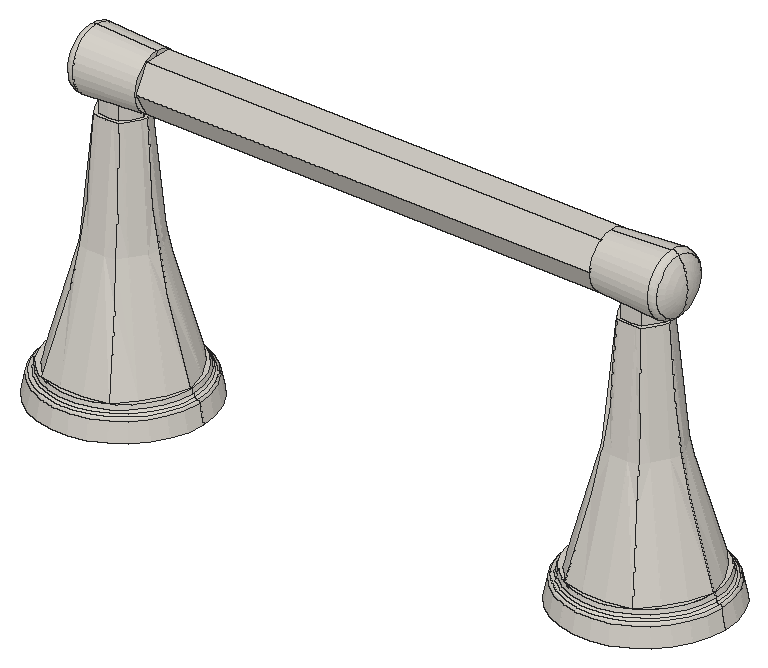
Revit family "Tissue_Holder-DXV-Fitzgerald-D35160230_Series", category Specialty Equipment, host Face, Revit 2019
Family settings
  Host = Face
  Round Connector Dimension = Use Diameter
  Part Type = Normal
  OmniClass Number = 23.40.20.21.21
  OmniClass Title = Toilet Paper Dispensers
  Cut with Voids When Loaded = No
  Shared = Yes
  Room Calculation Point = No
Parameters (values of type "D35160230.150")
  Width = 2"
  Warranty Information = "Lifetime Limited Warranty"
  URL = "http://www.dxv.com/"
  Type Comments = ""
  Shipping Weight = 0 lbf
  Revised Date = "11/17/2021"  # constant formula
  Product Page URL = "https://www.dxv.com/product/fitzgerald-toilet-paper-holder-"
  Product Documentation Link = "https://dxv01.blob.core.windows.net/dxv-product-pdf-files/spec_D35160230_DXV_Fitzgerald_tissueholder_EN.pdf"
  Price = "Prices may vary. Please consult Manufacturer Representative for most up-to-date price list."  # constant formula
  Model = "D35160230.150"
  Material = "Brass-DXV-150-Platinum Nickel"
  Manufacturer = "DXV"
  Length = 8 1/2"
  Installation Type = "Wall Mounted"
  Height = 4"
  Finish = Brass-DXV-150-Platinum Nickel
  Description = "Fitzgerald Toilet Paper Holder"
  Default Elevation = 25"
  Creation Date = "10/25/2018"  # constant formula
  Assembly Code = "C1030220"
  ADA Compliant = yes
Types (4): name | Model | Material | Finish
  (no name) | "D35160230.150" | "Brass-DXV-150-Platinum Nickel" | Brass-DXV-150-Platinum Nickel
  D35160230.100 | "D35160230.100" | "Brass-DXV-100-Polished Chrome" | Brass-DXV-100-Polished Chrome
  D35160230.144 | "D35160230.144" | "Brass-DXV-144-Brushed Nickel" | Brass-DXV-144-Brushed Nickel
  D35160230.150 | "D35160230.150" | "Brass-DXV-150-Platinum Nickel" | Brass-DXV-150-Platinum Nickel
Reference planes (in)
  plane 1 "Center (Front/Back)": y = 0
  plane 2: z = 0
  plane 3 "Center (Left/Right)": x = 0
  plane 4: z = 4
  plane 5: z = 3.625
  plane 6: x = -3.25
  plane 7: x = 3.25
  plane 8: x = -2.25
  plane 9: x = -4.25
  plane 10: x = 4.25
  plane 11: x = 2.25
  plane 12: y = 1
  plane 13: y = -1
Forms (in)
  Revolve 1, solid, material "Brass-DXV-150-Platinum Nickel" <- "Finish"
    sketch origin (0, 0, 0) x (1, 0, 0) y (0, 0, 1)
      loop
        line (3.25, 0) -> (4.25, 0) -> (4.20301, 0.22105)
        arc (4.20301, 0.22105) -> (4.19389, 0.24154) -> (4.17723, 0.25654) r 0.05392
        line (4.17723, 0.25654) -> (4.14228, 0.27672)
        arc (4.14228, 0.27672) -> (4.12834, 0.28895) -> (4.12013, 0.30558) r 0.04754
        line (4.12013, 0.30558) -> (4.10658, 0.35617) -> (3.25, 0.35617) -> (3.25, 0)
      axis (3.25, 0.35617) -> (3.25, 0)
    angle from 0 to 360
  Revolve 2, solid, material "Brass-DXV-150-Platinum Nickel" <- "Finish"
    sketch origin (0, 0, 0) x (-1, 0, 0) y (0, 0, 1)
      loop
        line (3.25, 0) -> (4.25, 0) -> (4.20301, 0.22105)
        arc (4.20301, 0.22105) -> (4.19389, 0.24154) -> (4.17723, 0.25654) r 0.05392
        line (4.17723, 0.25654) -> (4.14228, 0.27672)
        arc (4.14228, 0.27672) -> (4.12834, 0.28895) -> (4.12013, 0.30558) r 0.04754
        line (4.12013, 0.30558) -> (4.10658, 0.35617) -> (3.25, 0.35617) -> (3.25, 0)
      axis (3.25, 0.35617) -> (3.25, 0)
    angle from 0 to 360
  Sweep 3, solid, material "Brass-DXV-150-Platinum Nickel" <- "Finish"
    path origin (0, 0, 0) x (-1, 0, 0) y (0, 1, 0)
      loop
        arc (-4.09664, 0) -> (-3.94098, -0.39894) -> (-3.67332, -0.73322) r 1.41797
        arc (-3.67332, -0.73322) -> (-3.25, -0.79788) -> (-2.82668, -0.73322) r 1.41797
        arc (-2.82668, -0.73322) -> (-2.55902, -0.39894) -> (-2.40336, 0) r 1.41797
        arc (-2.40336, 0) -> (-2.55902, 0.39894) -> (-2.82668, 0.73322) r 1.41797
        arc (-2.82668, 0.73322) -> (-3.25, 0.79788) -> (-3.67332, 0.73322) r 1.41797
        arc (-3.67332, 0.73322) -> (-3.94099, 0.39894) -> (-4.09664, 0) r 1.41782
    profile origin (3.25, 0.79788, 0) x (0, -1, 0) y (0, 0, 1)
      loop
        arc (0.52248, 3.17377) -> (0.38127, 1.74271) -> (0, 0.35617) r 8.46977
        line (0, 0.35617) -> (0.36793, 0.35617) -> (0.67386, 1.79542) -> (0.67386, 3.625) -> (0.56859, 3.625) -> (0.56859, 3.17377) -> (0.52248, 3.17377)
  Revolve 4, solid, material "Brass-DXV-150-Platinum Nickel" <- "Finish"
    sketch origin (0, 0, 0) x (1, 0, 0) y (0, 0, 1)
      loop
        line (2.82991, 3.625) -> (3.77535, 3.625)
        arc (3.77535, 3.625) -> (3.74684, 3.80306) -> (3.66416, 3.96332) r 0.57028
        arc (3.66416, 3.96332) -> (3.62743, 3.99355) -> (3.58076, 4.00275) r 0.09727
        line (3.58076, 4.00275) -> (2.82991, 3.9634) -> (2.82991, 3.625)
      loop
        line (-2.82991, 3.625) -> (-2.82991, 3.9634) -> (-3.58076, 4.00275)
        arc (-3.58076, 4.00275) -> (-3.62743, 3.99355) -> (-3.66416, 3.96332) r 0.09727
        arc (-3.66416, 3.96332) -> (-3.74684, 3.80306) -> (-3.77535, 3.625) r 0.57028
        line (-3.77535, 3.625) -> (-2.82991, 3.625)
      axis (3.77535, 3.625) -> (-3.77535, 3.625)
    angle from 0 to 360
  Sweep 5, solid, material "Brass-DXV-150-Platinum Nickel" <- "Finish"
    path origin (0, 0, 0) x (1, 0, 0) y (0, 1, 0)
      loop
        arc (-4.09664, 0) -> (-3.94098, -0.39894) -> (-3.67332, -0.73322) r 1.41797
        arc (-3.67332, -0.73322) -> (-3.25, -0.79788) -> (-2.82668, -0.73322) r 1.41797
        arc (-2.82668, -0.73322) -> (-2.55902, -0.39894) -> (-2.40336, 0) r 1.41797
        arc (-2.40336, 0) -> (-2.55902, 0.39894) -> (-2.82668, 0.73322) r 1.41797
        arc (-2.82668, 0.73322) -> (-3.25, 0.79788) -> (-3.67332, 0.73322) r 1.41797
        arc (-3.67332, 0.73322) -> (-3.94099, 0.39894) -> (-4.09664, 0) r 1.41782
    profile origin (-3.25, 0.79788, 0) x (0, 1, 0) y (0, 0, 1)
      loop
        line (-0.52248, 3.17377) -> (-0.56859, 3.17377) -> (-0.56859, 3.625) -> (-0.67386, 3.625) -> (-0.67386, 1.79542) -> (-0.36793, 0.35617) -> (0, 0.35617)
        arc (0, 0.35617) -> (-0.38127, 1.74271) -> (-0.52248, 3.17377) r 8.46977
  Extrusion 6, solid, material "Brass-DXV-150-Platinum Nickel" <- "Finish"
    sketch origin (0, 0, 0) x (0, 1, 0) y (0, 0, 1)
      loop
        line (0.33599, 3.625) -> (0.16799, 3.91597) -> (-0.16799, 3.91597) -> (-0.33599, 3.625) -> (-0.16799, 3.33403) -> (0.16799, 3.33403) -> (0.33599, 3.625)
    from -2.82991 to 2.82991
Lines and regions (in)
  Masking region 1
    outline origin (0, 0, 0) x (1, 0, 0) y (0, 0, 1)
      loop
        line (-3.50376, 3.17377) -> (-3.55309, 3.17377)
        arc (-3.55309, 3.17377) -> (-3.70657, 1.74076) -> (-4.10658, 0.35617) r 8.26749
        line (-4.10658, 0.35617) -> (-4.11992, 0.30639)
        arc (-4.11992, 0.30639) -> (-4.12846, 0.28906) -> (-4.14299, 0.27632) r 0.04951
        line (-4.14299, 0.27632) -> (-4.1805, 0.25466)
        arc (-4.1805, 0.25466) -> (-4.19454, 0.24202) -> (-4.20222, 0.22477) r 0.04542
        line (-4.20222, 0.22477) -> (-4.25, 0) -> (-2.25, 0) -> (-2.29778, 0.22477)
        arc (-2.29778, 0.22477) -> (-2.30546, 0.24202) -> (-2.3195, 0.25466) r 0.04542
        line (-2.3195, 0.25466) -> (-2.35701, 0.27632)
        arc (-2.35701, 0.27632) -> (-2.37154, 0.28906) -> (-2.38008, 0.30639) r 0.04951
        line (-2.38008, 0.30639) -> (-2.39342, 0.35617)
        arc (-2.39342, 0.35617) -> (-2.79343, 1.74076) -> (-2.94691, 3.17377) r 8.26749
        line (-2.94691, 3.17377) -> (-2.99624, 3.17377) -> (-2.99624, 3.27894) -> (-2.82991, 3.2866) -> (-2.82991, 3.33403) -> (2.82991, 3.33403) -> (2.82991, 3.2866) -> (2.99624, 3.27894) -> (2.99624, 3.17377) -> (2.94691, 3.17377)
        arc (2.94691, 3.17377) -> (2.79343, 1.74076) -> (2.39342, 0.35617) r 8.26749
        line (2.39342, 0.35617) -> (2.38008, 0.30639)
        arc (2.38008, 0.30639) -> (2.37154, 0.28906) -> (2.35701, 0.27632) r 0.04951
        line (2.35701, 0.27632) -> (2.3195, 0.25466)
        arc (2.3195, 0.25466) -> (2.30546, 0.24202) -> (2.29778, 0.22477) r 0.04542
        line (2.29778, 0.22477) -> (2.25, 0) -> (4.25, 0) -> (4.20222, 0.22477)
        arc (4.20222, 0.22477) -> (4.19454, 0.24202) -> (4.1805, 0.25466) r 0.04542
        line (4.1805, 0.25466) -> (4.14299, 0.27632)
        arc (4.14299, 0.27632) -> (4.12846, 0.28906) -> (4.11992, 0.30639) r 0.04951
        line (4.11992, 0.30639) -> (4.10658, 0.35617)
        arc (4.10658, 0.35617) -> (3.70657, 1.74076) -> (3.55309, 3.17377) r 8.26749
        line (3.55309, 3.17377) -> (3.50376, 3.17377) -> (3.50376, 3.25224) -> (3.58566, 3.24651)
        arc (3.58566, 3.24651) -> (3.63003, 3.25426) -> (3.66566, 3.2818) r 0.09372
        arc (3.66566, 3.2818) -> (3.7848, 3.62471) -> (3.66486, 3.96733) r 0.55116
        arc (3.66486, 3.96733) -> (3.62956, 3.99477) -> (3.58561, 4.00301) r 0.09494
        line (3.58561, 4.00301) -> (2.82991, 3.9634) -> (2.82991, 3.91597) -> (-2.82991, 3.91597) -> (-2.82991, 3.9634) -> (-3.58561, 4.00301)
        arc (-3.58561, 4.00301) -> (-3.62956, 3.99477) -> (-3.66486, 3.96733) r 0.09494
        arc (-3.66486, 3.96733) -> (-3.7848, 3.62471) -> (-3.66566, 3.2818) r 0.55116
        arc (-3.66566, 3.2818) -> (-3.63003, 3.25426) -> (-3.58566, 3.24651) r 0.09372
        line (-3.58566, 3.24651) -> (-3.50376, 3.25224) -> (-3.50376, 3.17377)
  symbolic lines, detail levels medium+fine
    curve 1: line (-4.10658, 0, 0.35617) -> (-2.39342, 0, 0.35617)
    curve 2: line (-3.50376, 0, 3.17377) -> (-2.99624, 0, 3.17377)
    curve 3: arc (-3.50376, 0, 3.25224) -> (-3.43431, 0, 3.28227) -> (-3.37688, 0, 3.33152) r 0.25247
    curve 4: arc (-3.37688, 0, 3.33152) -> (-3.25057, 0, 3.34862) -> (-3.12312, 0, 3.34927) r 0.9854
    curve 5: arc (-3.12312, 0, 3.34927) -> (-3.06614, 0, 3.30245) -> (-2.99624, 0, 3.27894) r 0.20416
    curve 10: line (-2.82991, 0, 3.91597) -> (-2.82991, 0, 3.33403)
    curve 11: line (-2.82991, 0, 3.625) -> (2.82991, 0, 3.625)
    curve 12: line (4.10658, 0, 0.35617) -> (2.39342, 0, 0.35617)
    curve 13: line (3.50376, 0, 3.17377) -> (2.99624, 0, 3.17377)
    curve 14: arc (3.50376, 0, 3.25224) -> (3.43431, 0, 3.28227) -> (3.37688, 0, 3.33152) r 0.25247
    curve 15: arc (3.37688, 0, 3.33152) -> (3.25057, 0, 3.34862) -> (3.12312, 0, 3.34927) r 0.9854
    curve 16: arc (3.12312, 0, 3.34927) -> (3.06614, 0, 3.30245) -> (2.99624, 0, 3.27894) r 0.20416
    curve 21: line (2.82991, 0, 3.91597) -> (2.82991, 0, 3.33403)
  symbolic lines, detail levels fine
    curve 6: line (-3.37688, 0, 3.33152) -> (-3.37688, 0, 3.17377)
    curve 7: line (-3.12312, 0, 3.34927) -> (-3.12312, 0, 3.17377)
    curve 8: arc (-3.40273, 0, 3.17377) -> (-3.47356, 0, 1.75878) -> (-3.67332, 0, 0.35617) r 15.4984
    curve 9: arc (-2.82694, 0, 0.35617) -> (-3.02782, 0, 1.75869) -> (-3.09845, 0, 3.17377) r 15.34003
    curve 17: line (3.37688, 0, 3.33152) -> (3.37688, 0, 3.17377)
    curve 18: line (3.12312, 0, 3.34927) -> (3.12312, 0, 3.17377)
    curve 19: arc (3.40273, 0, 3.17377) -> (3.47356, 0, 1.75878) -> (3.67332, 0, 0.35617) r 15.4984
    curve 20: arc (2.82694, 0, 0.35617) -> (3.02782, 0, 1.75869) -> (3.09845, 0, 3.17377) r 15.34003
Dimensions and locks (in)
  "Length": plane 9 to plane 10
  plane 7 to plane 6 = 6 1/2"
  "Height": plane 4 to host face
  plane 5 to host face = 3 5/8"  (x2)
  plane 9 to plane 8 = 2"
  plane 11 to plane 10 = 2"
  equal spacing: plane 12, plane 1 "Center (Front/Back)", plane 13
  "Width": plane 12 to plane 13
  plane 4 to host face = 4"
  aligned and locked: plane 2 to host face
  aligned and locked: level to host face
Automatic sketch dimensions
  curve 11 to plane 5 = 0"
  curve 8 to plane 5 = 0.3846"
  plane 9 to curve 8 = 14.65098"
  curve 20 to plane 5 = 0.39487"
  curve 8 to curve 20 = 6.65951"
  plane 6 to curve 3 = 0.3181"
  plane 6 to curve 6 = 0.12688"
  curve 4 to plane 6 = 0.06816"
  curve 7 to plane 6 = 0.12688"
  curve 5 to curve 5 = 0.15596"
  curve 16 to plane 7 = 0.28284"
  curve 18 to plane 7 = 0.12688"
  curve 15 to plane 7 = 0.06816"
  plane 7 to curve 17 = 0.12688"
  curve 14 to plane 5 = 0.12863"
  curve 15 to curve 14 = 0.19122"
  curve 9 to plane 5 = 0.39487"
  plane 10 to curve 9 = 7.99147"
  curve 19 to plane 5 = 0.3846"
  curve 9 to curve 19 = 6.65951"
  curve 15 to curve 14 = 1.13076"
  curve 4 to plane 5 = 1.25938"
  curve 17 to curve 14 = 0.16485"
  curve 6 to plane 5 = 0.29348"
  curve 16 to plane 5 = 0.14399"
  curve 5 to plane 5 = 0.14399"
  curve 3 to plane 5 = 0.12863"
  curve 1 to plane 9 = 0.14342"
  plane 6 to curve 8 = 0.42332"
  curve 3 to curve 6 = 0.12688"
  curve 3 to curve 2 = 0"
  curve 8 to curve 6 = 0.02585"
  curve 7 to curve 9 = 0.02467"
  curve 4 to curve 5 = 0.12688"
  curve 9 to curve 2 = 0.10221"
  curve 5 to curve 10 = 0.16633"
  level to curve 9 = 0.35617"
  curve 1 to plane 8 = 0.14342"
  curve 12 to plane 11 = 0.14342"
  curve 20 to plane 7 = 0.42306"
  curve 11 to curve 16 = 0.13725"
  curve 16 to curve 16 = 0.12688"
  curve 16 to curve 13 = 0"
  curve 20 to curve 18 = 0.02467"
  curve 17 to curve 19 = 0.02585"
  curve 19 to curve 14 = 0.10104"
  curve 14 to curve 13 = 0"
  level to curve 19 = 0.35617"
  curve 12 to plane 10 = 0.14342"
  curve 5 to curve 10 = 0.05509"
  curve 16 to curve 21 = 0.05509"
  curve 21 to plane 4 = 0.08403"
  curve 10 to plane 4 = 0.08403"
  host sketch curve to host sketch curve = 96"  (x2)
  Revolve 1 sketch curve to level = 0"
  Revolve 1 sketch curve to plane 7 = 0"  (x2)
  Revolve 1 sketch curve to plane 10 = 0"
  Revolve 1 sketch curve to plane 10 = 0.14342"
  Revolve 1 sketch curve to Revolve 1 sketch curve = 0.01355"
  Revolve 1 sketch curve to Revolve 1 sketch curve = 0.02215"
  Revolve 1 sketch curve to Revolve 1 sketch curve = 0.00799"
  Revolve 1 sketch curve to Revolve 1 sketch curve = 0.02377"
  Revolve 1 sketch curve to Revolve 1 sketch curve = 0.03495"
  Revolve 1 sketch curve to Revolve 1 sketch curve = 0.02578"
  level to Revolve 1 sketch curve = 0.20984"
  Revolve 1 sketch curve to Revolve 1 sketch curve = 0.01121"
  Revolve 1 sketch curve to Revolve 1 sketch curve = 0.02018"
  Revolve 1 sketch curve to Revolve 1 sketch curve = 0.02887"
  Revolve 1 sketch curve to Revolve 1 sketch curve = 0.05059"
  Revolve 1 sketch curve to Revolve 1 sketch curve = 1.36171"
  Revolve 1 sketch curve to Revolve 1 sketch curve = 0.20133"
  Revolve 2 sketch curve to level = 0"
  plane 6 to Revolve 2 sketch curve = 0"  (x2)
  plane 9 to Revolve 2 sketch curve = 0"
  plane 9 to Revolve 2 sketch curve = 0.14342"
  Revolve 2 sketch curve to Revolve 2 sketch curve = 0.01355"
  Revolve 2 sketch curve to Revolve 2 sketch curve = 0.02215"
  Revolve 2 sketch curve to Revolve 2 sketch curve = 0.00799"
  Revolve 2 sketch curve to Revolve 2 sketch curve = 0.02377"
  Revolve 2 sketch curve to Revolve 2 sketch curve = 0.03495"
  Revolve 2 sketch curve to Revolve 2 sketch curve = 0.02578"
  Revolve 2 sketch curve to level = 0.20984"
  Revolve 2 sketch curve to Revolve 2 sketch curve = 0.01121"
  Revolve 2 sketch curve to Revolve 2 sketch curve = 0.02018"
  Revolve 2 sketch curve to Revolve 2 sketch curve = 0.02887"
  Revolve 2 sketch curve to Revolve 2 sketch curve = 0.05059"
  Revolve 2 sketch curve to Revolve 2 sketch curve = 1.36171"
  Revolve 2 sketch curve to Revolve 2 sketch curve = 0.20133"
  plane 1 "Center (Front/Back)" to Sweep 3 sketch curve = 0"  (x2)
  Sweep 3 sketch curve to plane 7 = 0"  (x2)
  plane 10 to Sweep 3 sketch curve = 0.46299"  (x2)
  plane 11 to Sweep 3 sketch curve = 0.46312"
  plane 11 to Sweep 3 sketch curve = 0.46299"
  Sweep 3 sketch curve to plane 1 "Center (Front/Back)" = 0.30997"
  Sweep 3 sketch curve to plane 1 "Center (Front/Back)" = 0.31004"
  plane 13 to Sweep 3 sketch curve = 0.37991"
  plane 1 "Center (Front/Back)" to Sweep 3 sketch curve = 0.31004"  (x2)
  plane 12 to Sweep 3 sketch curve = 0.37991"
  Sweep 3 sketch curve to plane 7 = 0.42332"  (x2)
  plane 10 to Sweep 3 sketch curve = 0.15336"
  plane 13 to Sweep 3 sketch curve = 0.26678"
  Sweep 3 sketch curve to profile plane = 0"
  profile plane to Sweep 3 sketch curve = 3.28697"
  profile plane to Sweep 3 sketch curve = 7.94654"
  Sweep 3 sketch curve to Sweep 3 sketch curve = 0.36793"
  Sweep 3 sketch curve to profile plane = 0.52248"
  Sweep 3 sketch curve to Sweep 3 sketch curve = 0.04611"
  Sweep 3 sketch curve to Sweep 3 sketch curve = 0.10527"
  profile plane to Sweep 3 sketch curve = 3.17377"
  Sweep 3 sketch curve to Sweep 3 sketch curve = 1.37834"
  Sweep 3 sketch curve to Sweep 3 sketch curve = 0.45123"
  Revolve 4 sketch curve to plane 5 = 0"  (x3)
  Revolve 4 sketch curve to plane 9 = 0.47465"
  Revolve 4 sketch curve to plane 4 = 0.09439"  (x2)
  plane 6 to Revolve 4 sketch curve = 0.33585"
  plane 4 to Revolve 4 sketch curve = 0.00275"  (x2)
  Revolve 4 sketch curve to Revolve 4 sketch curve = 0.00509"  (x2)
  Revolve 4 sketch curve to plane 6 = 0.04492"
  Revolve 4 sketch curve to plane 4 = 0.0366"  (x2)
  Revolve 4 sketch curve to plane 6 = 0.42009"
  Revolve 4 sketch curve to plane 7 = 0.42009"
  Revolve 4 sketch curve to plane 7 = 0.04492"
  plane 7 to Revolve 4 sketch curve = 0.33076"
  Revolve 4 sketch curve to Revolve 4 sketch curve = 0.1895"
  plane 3 "Center (Left/Right)" to Revolve 4 sketch curve = 0.32991"
  Revolve 4 sketch curve to Revolve 4 sketch curve = 3/4"
  plane 1 "Center (Front/Back)" to Sweep 5 sketch curve = 0"  (x2)
  Sweep 5 sketch curve to plane 6 = 0"  (x2)
  Sweep 5 sketch curve to plane 9 = 0.46299"  (x2)
  Sweep 5 sketch curve to plane 8 = 0.46312"
  Sweep 5 sketch curve to plane 8 = 0.46299"
  plane 1 "Center (Front/Back)" to Sweep 5 sketch curve = 0.30997"
  plane 1 "Center (Front/Back)" to Sweep 5 sketch curve = 0.31004"
  Sweep 5 sketch curve to plane 13 = 0.37991"
  Sweep 5 sketch curve to plane 1 "Center (Front/Back)" = 0.31004"  (x2)
  Sweep 5 sketch curve to plane 12 = 0.37991"
  plane 6 to Sweep 5 sketch curve = 0.42332"  (x2)
  Sweep 5 sketch curve to plane 9 = 0.15336"
  Sweep 5 sketch curve to plane 13 = 0.26678"
  Sweep 5 sketch curve to profile plane = 0"
  profile plane to Sweep 5 sketch curve = 0.36793"
  profile plane to Sweep 5 sketch curve = 0.52248"
  Sweep 5 sketch curve to Sweep 5 sketch curve = 0.04611"
  profile plane to Sweep 5 sketch curve = 0.67386"
  profile plane to Sweep 5 sketch curve = 3.28697"
  Sweep 5 sketch curve to profile plane = 7.94654"
  profile plane to Sweep 5 sketch curve = 3.17377"
  Sweep 5 sketch curve to Sweep 5 sketch curve = 1.37834"
  Sweep 5 sketch curve to Sweep 5 sketch curve = 0.45123"
  Extrusion 6 sketch curve to plane 5 = 0"  (x2)
  plane 1 "Center (Front/Back)" to Extrusion 6 sketch curve = 0.33599"
  plane 1 "Center (Front/Back)" to Extrusion 6 sketch curve = 0.16799"  (x2)
  Extrusion 6 sketch curve to plane 1 "Center (Front/Back)" = 0.16799"  (x2)
  Extrusion 6 sketch curve to plane 1 "Center (Front/Back)" = 0.33599"
  Extrusion 6 sketch curve to plane 5 = 0.29097"
  Extrusion 6 sketch curve to plane 4 = 0.08403"
  Masking region 1 sketch curve to level = 0"  (x2)
  plane 9 to Masking region 1 sketch curve = 0"
  Masking region 1 sketch curve to plane 8 = 0"
  plane 11 to Masking region 1 sketch curve = 0"
  Masking region 1 sketch curve to plane 10 = 0"
  Masking region 1 sketch curve to plane 5 = 0.29064"  (x4)
  plane 9 to Masking region 1 sketch curve = 1.06902"
  Masking region 1 sketch curve to Masking region 1 sketch curve = 6 1/2"  (x2)
  Masking region 1 sketch curve to plane 9 = 0.04778"
  Masking region 1 sketch curve to Masking region 1 sketch curve = 0.02172"  (x4)
  Masking region 1 sketch curve to Masking region 1 sketch curve = 0.01276"  (x2)
  Masking region 1 sketch curve to Masking region 1 sketch curve = 0.04443"  (x2)
  Masking region 1 sketch curve to Masking region 1 sketch curve = 0.03752"  (x4)
  Masking region 1 sketch curve to Masking region 1 sketch curve = 0.02307"  (x4)
  Masking region 1 sketch curve to Masking region 1 sketch curve = 0.01334"  (x4)
  plane 6 to Masking region 1 sketch curve = 0.3422"
  Masking region 1 sketch curve to plane 4 = 0.0918"  (x2)
  plane 6 to Masking region 1 sketch curve = 0.34058"
  Masking region 1 sketch curve to Masking region 1 sketch curve = 0.00654"  (x2)
  plane 4 to Masking region 1 sketch curve = 0.00301"  (x2)
  Masking region 1 sketch curve to Masking region 1 sketch curve = 0.00497"  (x2)
  Masking region 1 sketch curve to Masking region 1 sketch curve = 0.03257"  (x2)
  Masking region 1 sketch curve to Masking region 1 sketch curve = 0.0819"
  Masking region 1 sketch curve to plane 5 = 0.00094"  (x2)
  Masking region 1 sketch curve to plane 6 = 0.01636"
  Masking region 1 sketch curve to plane 6 = 0.25376"
  Masking region 1 sketch curve to Masking region 1 sketch curve = 0.04933"  (x3)
  Masking region 1 sketch curve to plane 4 = 0.08403"
  Masking region 1 sketch curve to plane 6 = 0.42009"
  Masking region 1 sketch curve to Masking region 1 sketch curve = 0.16633"
  Masking region 1 sketch curve to plane 8 = 0.14342"
  Masking region 1 sketch curve to Masking region 1 sketch curve = 0.01481"  (x2)
  Masking region 1 sketch curve to Masking region 1 sketch curve = 0.02476"
  Masking region 1 sketch curve to plane 11 = 0.04778"
  Masking region 1 sketch curve to plane 7 = 0.42009"  (x2)
  Masking region 1 sketch curve to plane 4 = 0.0366"  (x2)
  Masking region 1 sketch curve to Masking region 1 sketch curve = 0.117"
  Masking region 1 sketch curve to plane 7 = 0.01636"
  plane 7 to Masking region 1 sketch curve = 0.25376"
  plane 7 to Masking region 1 sketch curve = 0.33561"
  Masking region 1 sketch curve to plane 10 = 0.14342"
  Masking region 1 sketch curve to Masking region 1 sketch curve = 0.04782"
  plane 10 to Masking region 1 sketch curve = 1.06902"
  level to Masking region 1 sketch curve = 0.21533"  (x4)
  Masking region 1 sketch curve to Masking region 1 sketch curve = 0.00944"  (x4)
  Masking region 1 sketch curve to Masking region 1 sketch curve = 0.02166"  (x4)
  Masking region 1 sketch curve to Masking region 1 sketch curve = 0.03006"  (x4)
  Masking region 1 sketch curve to Masking region 1 sketch curve = 0.04978"  (x4)
  Masking region 1 sketch curve to Masking region 1 sketch curve = 0.07274"  (x2)
  Masking region 1 sketch curve to Masking region 1 sketch curve = 0.07847"  (x2)
  Masking region 1 sketch curve to Masking region 1 sketch curve = 0.10517"  (x2)
  Masking region 1 sketch curve to Masking region 1 sketch curve = 0.11283"  (x2)
  Masking region 1 sketch curve to Masking region 1 sketch curve = 0.04743"
  Masking region 1 sketch curve to Masking region 1 sketch curve = 0.09349"  (x2)
  Masking region 1 sketch curve to Masking region 1 sketch curve = 0"  (x2)
